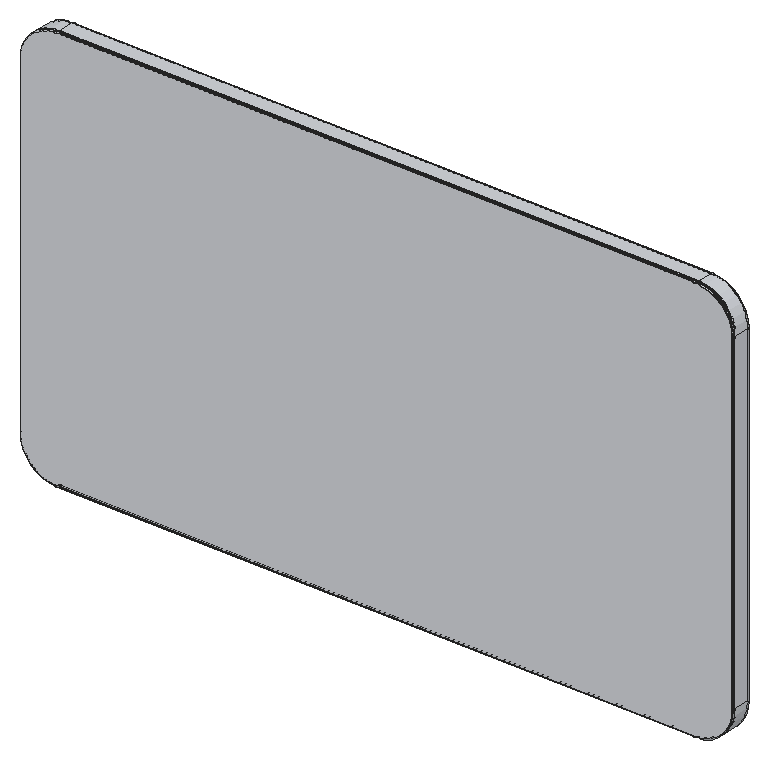
Revit family "70701", category Generic Models, Revit 2017
Family settings
  Can host rebar = No
  Round Connector Dimension = Use Diameter
  Part Type = Normal
  Work Plane-Based = No
  Always vertical = Yes
  Cut with Voids When Loaded = No
  Shared = No
  Room Calculation Point = No
Parameters
  Textile = none
  Glass = none
Reference planes
  plane 1 "Center (Front/Back)": y = 0
  plane 2: z = 0
  plane 3 "Center (Left/Right)": x = 0
  plane 4: z = 1000
  plane 5: x = -750
  plane 6: x = 1000
  plane 7: x = -250
  plane 8: y = 50
  plane 9: y = 5
Forms (mm)
  Extrusion 1, solid, material <- "Textile"
    sketch origin (-1625.009, 50, 1200) x (-1, 0, 0) y (0, 0, 1)
      loop
        arc (-2535.009, -200) -> (-2598.649, -226.36) -> (-2625.009, -290) r 90
        line (-2625.009, -290) -> (-2625.009, -1110)
        arc (-2625.009, -1110) -> (-2598.649, -1173.64) -> (-2535.009, -1200) r 90
        line (-2535.009, -1200) -> (-965.009, -1200)
        arc (-965.009, -1200) -> (-901.369, -1173.64) -> (-875.009, -1110) r 90
        line (-875.009, -1110) -> (-875.009, -290)
        arc (-875.009, -290) -> (-901.369, -226.36) -> (-965.009, -200) r 90
        line (-965.009, -200) -> (-2535.009, -200)
    from -45 to 0
  Sweep 2, void
    path origin (-1625.009, 50, 1200) x (-1, 0, 0) y (0, 0, 1)
      loop
        line (-965.009, -200) -> (-2535.009, -200)
        arc (-2535.009, -200) -> (-2598.649, -226.36) -> (-2625.009, -290) r 90
        line (-2625.009, -290) -> (-2625.009, -1110)
        arc (-2625.009, -1110) -> (-2598.649, -1173.64) -> (-2535.009, -1200) r 90
        line (-2535.009, -1200) -> (-965.009, -1200)
        arc (-965.009, -1200) -> (-901.369, -1173.64) -> (-875.009, -1110) r 90
        line (-875.009, -1110) -> (-875.009, -290)
        arc (-875.009, -290) -> (-901.369, -226.36) -> (-965.009, -200) r 90
    profile origin (125, 50, 1000) x (0, 0, -1) y (0, 1, 0)
      loop
        line (0, 0) -> (0, -3)
        arc (0, -3) -> (0.879, -0.879) -> (3, 0) r 3
        line (3, 0) -> (0, 0)
  Sweep 3, void
    path origin (-320.53, 5, 1200) x (-1, 0, 0) y (0, 0, 1)
      loop
        line (339.47, -200) -> (-1230.53, -200)
        arc (-1230.53, -200) -> (-1294.169, -226.36) -> (-1320.53, -290) r 90
        line (-1320.53, -290) -> (-1320.53, -1110)
        arc (-1320.53, -1110) -> (-1294.169, -1173.64) -> (-1230.53, -1200) r 90
        line (-1230.53, -1200) -> (339.47, -1200)
        arc (339.47, -1200) -> (403.11, -1173.64) -> (429.47, -1110) r 90
        line (429.47, -1110) -> (429.47, -290)
        arc (429.47, -290) -> (403.11, -226.36) -> (339.47, -200) r 90
    profile origin (125, 5, 1000) x (0, 0, -1) y (0, 1, 0)
      loop
        line (0, 0) -> (3, 0)
        arc (3, 0) -> (0.879, 0.879) -> (0, 3) r 3
        line (0, 3) -> (0, 0)
  Extrusion 4, solid, material <- "Glass"
    sketch origin (-320.53, 5, 1200) x (-1, 0, 0) y (0, 0, 1)
      loop
        arc (-1230.53, -200) -> (-1294.169, -226.36) -> (-1320.53, -290) r 90
        line (-1320.53, -290) -> (-1320.53, -1110)
        arc (-1320.53, -1110) -> (-1294.169, -1173.64) -> (-1230.53, -1200) r 90
        line (-1230.53, -1200) -> (339.47, -1200)
        arc (339.47, -1200) -> (403.11, -1173.64) -> (429.47, -1110) r 90
        line (429.47, -1110) -> (429.47, -290)
        arc (429.47, -290) -> (403.11, -226.36) -> (339.47, -200) r 90
        line (339.47, -200) -> (-1230.53, -200)
    from -5 to 0
  Sweep 5, void
    path origin (-320.53, 5, 1200) x (-1, 0, 0) y (0, 0, 1)
      loop
        line (339.47, -200) -> (-1230.53, -200)
        arc (-1230.53, -200) -> (-1294.169, -226.36) -> (-1320.53, -290) r 90
        line (-1320.53, -290) -> (-1320.53, -1110)
        arc (-1320.53, -1110) -> (-1294.169, -1173.64) -> (-1230.53, -1200) r 90
        line (-1230.53, -1200) -> (339.47, -1200)
        arc (339.47, -1200) -> (403.11, -1173.64) -> (429.47, -1110) r 90
        line (429.47, -1110) -> (429.47, -290)
        arc (429.47, -290) -> (403.11, -226.36) -> (339.47, -200) r 90
    profile origin (125, 5, 1000) x (0, 0, -1) y (0, 1, 0)
      loop
        line (0, 0) -> (0, -1)
        arc (0, -1) -> (0.293, -0.293) -> (1, 0) r 1
        line (1, 0) -> (0, 0)
  Sweep 6, void
    path origin (0, 0, 0) x (1, 0, 0) y (0, 0, 1)
      loop
        arc (-660, 1000) -> (-723.64, 973.64) -> (-750, 910) r 90
        line (-750, 910) -> (-750, 90)
        arc (-750, 90) -> (-723.64, 26.36) -> (-660, 0) r 90
        line (-660, 0) -> (910, 0)
        arc (910, 0) -> (973.64, 26.36) -> (1000, 90) r 90
        line (1000, 90) -> (1000, 910)
        arc (1000, 910) -> (973.64, 973.64) -> (910, 1000) r 90
        line (910, 1000) -> (-660, 1000)
    profile origin (125, 0, 1000) x (0, 0, 1) y (0, -1, 0)
      loop
        line (0, 0) -> (-1, 0)
        arc (-1, 0) -> (-0.293, -0.293) -> (0, -1) r 1
        line (0, -1) -> (0, 0)
Cuts and joins
  Sweep 2, Sweep 3 cuts Extrusion 1
  Sweep 5, Sweep 6 cuts Extrusion 4
Dimensions and locks
  aligned and locked: level to plane 2
